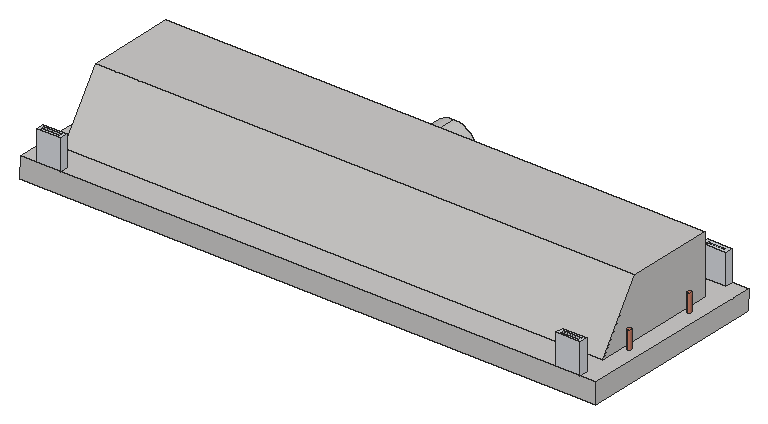
Revit family "HVAC-Chilled_Beam-Dadanco-ACB50", category Mechanical Equipment, Revit 2018
Family settings
  Round Connector Dimension = Use Diameter
  Part Type = Normal
  OmniClass Number = 23.75.70.17.31
  OmniClass Title = Induction Units
  Work Plane-Based = No
  Always vertical = Yes
  Cut with Voids When Loaded = No
  Shared = No
  Room Calculation Point = No
Parameters (values of type "6' Nominal Length")
  Zone Name [instance] = ""
  Zone ID [instance] = ""
  Unit Width = 1' - 11 3/4"  # constant formula
  Unit Weight = if(Nominal Unit Length = 2' 0", "41 lb", if(Nominal Unit Length = 4' 0", "82 lb", if(Nominal Unit Length = 6' 0", "115 lb", if(Nominal Unit Length = 8' 0", "146 lb", if(Nominal Unit Length = 10' 0", "183 lb", "0 lb")))))  # "115 lb"
  Unit Tag [instance] = ""
  Unit Height = 0' - 9 3/4"  # constant formula
  Total Cooling Capacity = 0.0 Btu/h
  Supply Air Front [instance] = not(Supply Air Back)  # no
  Supply Air Back [instance] = yes
  Supply Air = 0 CFM
  Sound Level dBA = ""
  Sound Level NC = ""
  Secondary Air Sensible Heating = 0.0 Btu/h
  Secondary Air Sensible Cooling = 0.0 Btu/h
  SHHW Temperature = 0 °F
  SHHW Pressure Drop [instance] = HWPD  # 0 Pa
  SHHW Flow [instance] = HWF  # 0 GPM
  SCHW Temperature = 0 °F
  SCHW Pressure Drop [instance] = CWPD  # 0 Pa
  SCHW Flow [instance] = CWF  # 0 GPM
  Primary Air Static Pressure [instance] = PASP  # 0.00 in-wg
  Primary Air Inlet Top [instance] = not(Primary Air Inlet Back)  # no
  Primary Air Inlet Size = 0' - 6"
  Primary Air Inlet Back [instance] = yes
  Primary Air Flow Rate [instance] = PA  # 0 CFM
  PASP = 0.00 in-wg
  PA = 0 CFM
  Origin1 = Nominal Unit Length / 2  # 3' - 0"
  Nozzle Configuration = ""
  Nominal Unit Length = 6' - 0"
  Net Unit Heating Sensible = 0.0 Btu/h
  Net Unit Cooling Sensible = 0.0 Btu/h
  Unit Length = Nominal Unit Length - 0' 0 1/4"  # 5' - 11 3/4"
  URL = "http://www.dadanco.com/"
  Type Comments = "1-way Discharge Horizontal Coil"
  SHHW Temp Out = 0 °F
  SCHW Temp Out = 0 °F
  Product Page URL = ""
  Latent Cooling = 0.0 Btu/h
  Keynote = "23 37 00.A1"
  Heating Supply Air Temperature = 0 °F
  Heating Room Dry Bulb = 0 °F
  Heating Primary Air Dry Bulb = 0 °F
  HWPD = 0 Pa
  HWF = 0 GPM
  Front Back Air Inlet [instance] = or(Primary Air Inlet Top, Primary Air Inlet Back)  # yes
  Pipe Material = Metal-Dadanco-Copper-Satin
  Pipe Coil Outlet = "2 Pipe Coi, 0.5 inch SWT Stub Coil Connection"
  Pipe Coil Inlet = "2 Pipe Coi, 0.5 inch SWT Stub Coil Connection"
  Documentation Link = ""
  Cooling Supply Air Temperature = 0 °F
  Cooling Room Relative Humidity = 0
  Cooling Room Dry Bulb = 0 °F
  Cooling Primary Air Wet Bulb = 0 °F
  Cooling Primary Air Dry Bulb = 0 °F
  Coil Connection Right [instance] = yes
  Coil Connection Left [instance] = not(Coil Connection Right)  # no
  Revision Date = "06/24/2020"  # constant formula
  Coil Length = if(Nominal Unit Length = 2' 0", 2' 0", if(Nominal Unit Length = 4' 0", 3' 4", if(Nominal Unit Length = 6' 0", 5' 4", 0' 0")))  # 5' - 4"
  Model = "ACB50"  # constant formula
  Manufacturer = "Dadanco"  # constant formula
  Housing Material = Metal-Dadanco-Steel-Galvanized
  Description = "Active Chilled Beam"  # constant formula
  CWPD = 0 Pa
  CWF = 0 GPM
  4 Pipe Coil Configuration Right [instance] = and([4 Pipe Coil Configuration], Coil Connection Right)  # no
  4 Pipe Coil Configuration Left [instance] = and([4 Pipe Coil Configuration], Coil Connection Left)  # no
  4 Pipe Coil Configuration = if([2 or 4 pipe] = 4, 1 = 1, 1 = 0)  # no
  2 or 4 pipe = 2
  2 Pipe Coil Configuration = if([2 or 4 pipe] = 2, 1 = 1, 1 = 0)  # yes
  Assembly Code = "D3040100"
Types (6): name | Unit Weight | Primary Air Inlet Top | Primary Air Inlet Back | Origin1 | Nominal Unit Length | Unit Length | Type Comments | Product Page URL | Documentation Link | Coil Length
  (no name) | "115 lb" | no | yes | 3' - 0" | 6' - 0" | 5' - 11 3/4" | "1-way Discharge Horizontal Coil" | "" | "" | 5' - 4"
  4' Nominal Length | "82 lb" | yes | no | 2' - 0" | 4' - 0" | 3' - 11 3/4" | "2-way Discharge Horizontal Coil" | "http://www.activechilledbeam.com/efficient_air_conditioning.asp" | "http://www.dadanco.com/ACB/air_conditioning_literature.asp?productLineID=30" | 3' - 4"
  2' Nominal Length | "41 lb" | yes | no | 1' - 0" | 2' - 0" | 1' - 11 3/4" | "2-way Discharge Horizontal Coil" | "http://www.activechilledbeam.com/efficient_air_conditioning.asp" | "http://www.dadanco.com/ACB/air_conditioning_literature.asp?productLineID=30" | 2' - 0"
  6' Nominal Length | "115 lb" | no | yes | 3' - 0" | 6' - 0" | 5' - 11 3/4" | "1-way Discharge Horizontal Coil" | "" | "" | 5' - 4"
  8' Nominal Length | "146 lb" | no | yes | 4' - 0" | 8' - 0" | 7' - 11 3/4" | "2-way Discharge Horizontal Coil" | "http://www.activechilledbeam.com/efficient_air_conditioning.asp" | "http://www.dadanco.com/ACB/air_conditioning_literature.asp?productLineID=30" | 0' - 0"
  10' Nominal Length | "183 lb" | no | yes | 5' - 0" | 10' - 0" | 9' - 11 3/4" | "2-way Discharge Horizontal Coil" | "http://www.activechilledbeam.com/efficient_air_conditioning.asp" | "http://www.dadanco.com/ACB/air_conditioning_literature.asp?productLineID=30" | 0' - 0"
Reference planes (in)
  plane 1 "Center (Front/Back)": y = 0.77127
  plane 2 "Top Face of Plenum": z = 9.75
  plane 3 "Center (Left/Right)": x = 0.55581
  plane 4 "Right End": x = 36.43081
  plane 5 "Bottom Face": z = 0
  plane 6 "Left End": x = -35.31919
  plane 7: y = -11.10373
  plane 8: z = 6.111
  plane 9: x = -33.35519
  plane 10: x = 34.46681
  plane 11: y = 5.45827
  plane 12: y = 2.64627
  plane 13: y = -1.10373
  plane 14: y = -3.91573
  plane 15: z = 5.047
Forms (in)
  Extrusion 1, solid, material "Metal-Dadanco-Steel-Galvanized" <- "Housing Material"
    sketch origin (0.55581, 0, 0) x (0, 1, 0) y (0, 0, 1)
      loop
        line (12.64627, 0) -> (12.89587, 0) -> (12.89587, 2.511) -> (9.02127, 2.511) -> (9.02127, 9.761) -> (-1.97873, 9.761) -> (-6.97873, 2.511) -> (-10.85373, 2.511) -> (-10.85373, 0) -> (12.64627, 0)
    from -35.875 to 35.875
  Extrusion 2, solid, material "Metal-Dadanco-Steel-Galvanized", visible <- "Primary Air Inlet Back"
    sketch origin (0.55581, 9.02127, 2.511) x (0, 0, 1) y (1, 0, 0)
      loop
        circle (3.719, 0) r 3
    from 0 to 2.83
  Extrusion 3, void
    sketch origin (36.43081, 0, 0) x (0, -1, 0) y (0, 0, 1)
      loop
        line (6.97873, 9.761) -> (-9.02127, 9.761) -> (-9.02127, 2.511) -> (6.97873, 2.511) -> (6.97873, 9.761)
    from 0 to 2.27344
  Extrusion 4, void
    sketch origin (-35.31919, 0, 0) x (0, 1, 0) y (0, 0, 1)
      loop
        line (9.02127, 9.761) -> (-7.02389, 9.761) -> (-7.02389, 2.511) -> (9.02127, 2.511) -> (9.02127, 9.761)
    from 0 to 2.27344
  Extrusion 5, solid, material "Metal-Dadanco-Copper-Satin" <- "Pipe Material", visible <- "Coil Connection Left", detail levels medium+fine
    sketch origin (0.20581, 13.56502, 2.511) x (0, -1, 0) y (1, 0, 0)
      loop
        circle (7.841, -33.911) r 0.25
    from 0 to 2.14844
  Extrusion 6, solid, material "Metal-Dadanco-Copper-Satin" <- "Pipe Material", visible <- "4 Pipe Coil Configuration Left", detail levels medium+fine
    sketch origin (0.20581, 13.25627, 2.511) x (0, -1, 0) y (1, 0, 0)
      loop
        circle (10.653, -33.911) r 0.25
    from 0 to 2.14844
  Extrusion 7, solid, material "Metal-Dadanco-Copper-Satin" <- "Pipe Material", visible <- "4 Pipe Coil Configuration Left", detail levels medium+fine
    sketch origin (0.20581, 13.24627, 2.511) x (0, -1, 0) y (1, 0, 0)
      loop
        circle (14.403, -33.911) r 0.25
    from 0 to 2.14844
  Extrusion 8, solid, material "Metal-Dadanco-Copper-Satin" <- "Pipe Material", visible <- "Coil Connection Left", detail levels medium+fine
    sketch origin (0.20581, 13.54627, 2.511) x (0, -1, 0) y (1, 0, 0)
      loop
        circle (17.215, -33.911) r 0.25
    from 0 to 2.14844
  Extrusion 9, solid, material "Metal-Dadanco-Copper-Satin" <- "Pipe Material", visible <- "Coil Connection Right", detail levels medium+fine
    sketch origin (0.93081, 13.47127, 2.511) x (0, -1, 0) y (1, 0, 0)
      loop
        circle (7.74827, 33.88652) r 0.25
    from 0 to 2.14844
  Extrusion 10, solid, material "Metal-Dadanco-Copper-Satin" <- "Pipe Material", visible <- "4 Pipe Coil Configuration Right", detail levels medium+fine
    sketch origin (0.90581, 13.24002, 2.511) x (0, -1, 0) y (1, 0, 0)
      loop
        circle (10.653, 33.911) r 0.25
    from 0 to 2.14844
  Extrusion 11, solid, material "Metal-Dadanco-Copper-Satin" <- "Pipe Material", visible <- "4 Pipe Coil Configuration Right", detail levels medium+fine
    sketch origin (0.90581, 13.22127, 2.511) x (0, -1, 0) y (1, 0, 0)
      loop
        circle (14.403, 33.911) r 0.25
    from 0 to 2.14844
  Extrusion 12, solid, material "Metal-Dadanco-Copper-Satin" <- "Pipe Material", visible <- "Coil Connection Right", detail levels medium+fine
    sketch origin (0.90581, 13.55127, 2.511) x (0, -1, 0) y (1, 0, 0)
      loop
        circle (17.215, 33.911) r 0.25
    from 0 to 2.14844
  Extrusion 13, solid, material "Metal-Dadanco-Steel-Galvanized", visible <- "Primary Air Inlet Top"
    sketch origin (0.55581, 11.77377, 9.761) x (0, -1, 0) y (1, 0, 0)
      loop
        circle (8.25, 0) r 3
    from 0 to 3.30078
  Extrusion 14, solid, detail levels fine
    sketch origin (34.15737, 0, 0) x (0, 1, 0) y (0, 0, 1)
      loop
        circle (0.74868, 1.39387) r 0.125
    from 0 to 2
  Extrusion 15, solid
    sketch origin (0.55581, -17.19873, 2.511) x (0, 1, 0) y (-1, 0, 0)
      loop
        line (6.375, 33.875) -> (6.375, 30.875) -> (7.375, 30.875) -> (7.375, 33.875) -> (6.375, 33.875)
    from 0 to 3.76953
  Extrusion 16, void
    sketch origin (0.63529, -17.20453, 6.28053) x (-1, 0, 0) y (0, 1, 0)
      loop
        line (33.57948, 7.1008) -> (31.32948, 7.1008) -> (31.32948, 6.6608) -> (33.57948, 6.6608) -> (33.57948, 7.1008)
    from 0 to 3.76953
  Extrusion 17, solid
    sketch origin (113.55581, 5.48215, 2.511) x (0, 1, 0) y (-1, 0, 0)
      loop
        line (6.375, 82.125) -> (6.375, 79.125) -> (7.375, 79.125) -> (7.375, 82.125) -> (6.375, 82.125)
    from 0 to 3.76953
  Extrusion 18, void
    sketch origin (113.63529, 5.47636, 6.28053) x (-1, 0, 0) y (0, 1, 0)
      loop
        line (81.82948, 7.1008) -> (79.57948, 7.1008) -> (79.57948, 6.6608) -> (81.82948, 6.6608) -> (81.82948, 7.1008)
    from 0 to 3.76953
  Extrusion 19, solid
    sketch origin (113.55581, -17.19873, 2.511) x (0, 1, 0) y (-1, 0, 0)
      loop
        line (6.375, 82.125) -> (6.375, 79.125) -> (7.375, 79.125) -> (7.375, 82.125) -> (6.375, 82.125)
    from 0 to 3.76953
  Extrusion 20, void
    sketch origin (113.63529, -17.20453, 6.28053) x (-1, 0, 0) y (0, 1, 0)
      loop
        line (81.82948, 7.1008) -> (79.57948, 7.1008) -> (79.57948, 6.6608) -> (81.82948, 6.6608) -> (81.82948, 7.1008)
    from 0 to 3.76953
  Extrusion 21, solid
    sketch origin (0.55581, 5.49087, 2.511) x (0, 1, 0) y (-1, 0, 0)
      loop
        line (6.375, 33.875) -> (6.375, 30.875) -> (7.375, 30.875) -> (7.375, 33.875) -> (6.375, 33.875)
    from 0 to 3.76953
  Extrusion 22, void
    sketch origin (0.63529, 5.48507, 6.28053) x (-1, 0, 0) y (0, 1, 0)
      loop
        line (33.57948, 7.1008) -> (31.32948, 7.1008) -> (31.32948, 6.6608) -> (33.57948, 6.6608) -> (33.57948, 7.1008)
    from 0 to 3.76953
Cuts and joins
  Extrusion 3, Extrusion 4, Extrusion 18, Extrusion 20, Extrusion 22 cuts Extrusion 1
  Extrusion 16, Extrusion 20, Extrusion 22 cuts Extrusion 15
  Extrusion 18 cuts Extrusion 17
  Extrusion 20 cuts Extrusion 19
  Extrusion 22 cuts Extrusion 21
Lines and regions (in)
  symbolic lines, detail levels medium+fine
    curve 1: line (-35.31919, 10.49127, 4.95212) -> (36.43081, 10.49127, 4.95212)
    curve 2: line (-35.31919, -8.82373, 4.95212) -> (36.43081, -8.82373, 4.95212)
  model lines, detail levels medium+fine
    curve 3: line (-35.31919, -5.35623, 0) -> (36.43081, -5.35623, 0)
    curve 4: line (-35.31919, 7.02377, 0) -> (36.43081, 7.02377, 0)
  symbolic lines, not visible, detail levels medium+fine
    curve 5: arc (0.43081, -5.48123, 7.73) -> (0.55581, -5.48123, 7.855) -> (0.68081, -5.48123, 7.73) r 0.125
    curve 6: arc (0.68081, -5.48123, 7.73) -> (0.55581, -5.48123, 7.605) -> (0.43081, -5.48123, 7.73) r 0.125
  symbolic lines, detail levels fine
    curve 7: line (-35.31919, 7.95719, 4.13) -> (36.43081, 7.95719, 4.13)
    curve 8: line (-35.31919, -6.28965, 4.13) -> (36.43081, -6.28965, 4.13)
Dimensions and locks (in)
  equal spacing: plane 6 "Left End", plane 3 "Center (Left/Right)", plane 4 "Right End"
  "Unit Length": plane 6 "Left End" to plane 4 "Right End"
  "Unit Height": plane 2 "Top Face of Plenum" to plane 5 "Bottom Face"
  Extrusion 2 to Extrusion 2 = 0' - 2.83"
  plane 7 to plane 1 "Center (Front/Back)" = 0' - 11 7/8"
  plane 5 "Bottom Face" to plane 8 = 0' - 6.111"
  locked: plane 3 "Center (Left/Right)" to Extrusion 2 sketch curve at 0
  locked: plane 1 "Center (Front/Back)" to plane 11 at 4.687
  locked: plane 1 "Center (Front/Back)" to plane 12 at 1.875
  locked: plane 13 to plane 1 "Center (Front/Back)" at 1.875
  locked: plane 14 to plane 1 "Center (Front/Back)" at 4.687
  locked: plane 6 "Left End" to plane 9 at 1.964
  locked: plane 10 to plane 4 "Right End" at 1.964
  plane 1 "Center (Front/Back)" to Extrusion 13 sketch curve = 0' - 2.7525"
  locked: Extrusion 13 sketch curve to plane 3 "Center (Left/Right)" at 0
  aligned and locked: plane 5 "Bottom Face" to level
  aligned and locked: Extrusion 1 to plane 6 "Left End"
  aligned and locked: Extrusion 1 to plane 4 "Right End"
  aligned and locked: Extrusion 3 sketch curve to cut or joined group of Extrusion 1, Extrusion 3, Extrusion 4, Extrusion 18, Extrusion 20, Extrusion 22
  aligned and locked: Extrusion 4 sketch curve to cut or joined group of Extrusion 1, Extrusion 3, Extrusion 4, Extrusion 18, Extrusion 20, Extrusion 22  (x2)
Automatic sketch dimensions
  curve 3 to plane 4 "Right End" = 0' - 0"
  curve 4 to plane 4 "Right End" = 0' - 0"
  curve 4 to plane 6 "Left End" = 0' - 0"
  curve 3 to plane 6 "Left End" = 0' - 0"
  curve 3 to plane 14 = 0' - 1.4405"
  curve 4 to plane 11 = 0' - 1.5655"
  curve 1 to plane 4 "Right End" = 0' - 0"
  curve 1 to plane 6 "Left End" = 0' - 0"
  curve 2 to plane 4 "Right End" = 0' - 0"
  curve 2 to plane 6 "Left End" = 0' - 0"
  plane 11 to curve 1 = 0' - 5.033"
  plane 7 to curve 2 = 0' - 2.28"
  curve 5 to curve 6 = 0' - 0"  (x2)
  curve 6 to plane 3 "Center (Left/Right)" = 0' - 0"
  curve 6 to plane 2 "Top Face of Plenum" = 0' - 2.02"
  plane 3 "Center (Left/Right)" to curve 5 = 0' - 0 1/8"
  Extrusion 2 sketch curve to Extrusion 1 = 0' - 3.531"
  curve 7 to plane 4 "Right End" = 0' - 0"
  curve 7 to plane 6 "Left End" = 0' - 0"
  curve 8 to plane 4 "Right End" = 0' - 0"
  curve 8 to plane 6 "Left End" = 0' - 0"
  plane 11 to curve 7 = 0' - 2.49892"
  plane 14 to curve 8 = 0' - 2.37392"
  Extrusion 3 sketch curve to Extrusion 1 = 0' - 0"
  Extrusion 1 to Extrusion 3 sketch curve = 0' - 0"  (x2)
  Extrusion 1 to Extrusion 4 sketch curve = 0' - 0"
  Extrusion 1 to Extrusion 4 sketch curve = 0' - 3.82985"
  Extrusion 5 sketch curve to plane 9 = 0' - 0.35"
  plane 11 to Extrusion 5 sketch curve = 0' - 0.26575"
  Extrusion 6 sketch curve to plane 9 = 0' - 0.35"
  plane 12 to Extrusion 6 sketch curve = 0' - 0.043"
  Extrusion 7 sketch curve to plane 9 = 0' - 0.35"
  plane 13 to Extrusion 7 sketch curve = 0' - 0.053"
  Extrusion 8 sketch curve to plane 9 = 0' - 0.35"
  Extrusion 8 sketch curve to plane 14 = 0' - 0.247"
  plane 10 to Extrusion 9 sketch curve = 0' - 0.35052"
  plane 11 to Extrusion 9 sketch curve = 0' - 0.26473"
  plane 10 to Extrusion 10 sketch curve = 0' - 0.35"
  plane 12 to Extrusion 10 sketch curve = 0' - 0.05925"
  plane 10 to Extrusion 11 sketch curve = 0' - 0.35"
  plane 13 to Extrusion 11 sketch curve = 0' - 0.078"
  plane 10 to Extrusion 12 sketch curve = 0' - 0.35"
  Extrusion 12 sketch curve to plane 14 = 0' - 0.252"
  Extrusion 3 to Extrusion 14 sketch curve = 0' - 1.11713"
  Extrusion 14 sketch curve to Extrusion 3 = 0' - 7.72741"
  Extrusion 1 to Extrusion 15 sketch curve = 0' - 0.03"
  Extrusion 15 sketch curve to Extrusion 15 sketch curve = 0' - 1"
  Extrusion 1 to Extrusion 15 sketch curve = 0' - 5"
  Extrusion 1 to Extrusion 15 sketch curve = 0' - 2"
  Extrusion 16 sketch curve to Extrusion 15 = 0' - 0 3/8"  (x2)
  Extrusion 16 sketch curve to Extrusion 15 = 0' - 0.28"  (x2)
  Extrusion 1 to Extrusion 17 sketch curve = 0' - 2"
  Extrusion 17 sketch curve to Extrusion 1 = 1' - 6.83588"
  Extrusion 17 sketch curve to Extrusion 17 sketch curve = 0' - 1"
  Extrusion 17 sketch curve to Extrusion 17 sketch curve = 0' - 3"
  Extrusion 18 sketch curve to Extrusion 17 = 0' - 0 3/8"  (x2)
  Extrusion 18 sketch curve to Extrusion 17 = 0' - 0.28"  (x2)
  Extrusion 1 to Extrusion 19 sketch curve = 0' - 0.03"
  Extrusion 19 sketch curve to Extrusion 19 sketch curve = 0' - 1"
  Extrusion 1 to Extrusion 19 sketch curve = 0' - 2"
  Extrusion 19 sketch curve to Extrusion 19 sketch curve = 0' - 3"
  Extrusion 20 sketch curve to Extrusion 19 = 0' - 0 3/8"  (x2)
  Extrusion 20 sketch curve to Extrusion 19 = 0' - 0.28"  (x2)
  Extrusion 1 to Extrusion 21 sketch curve = 0' - 5"
  Extrusion 21 sketch curve to Extrusion 1 = 1' - 6.8446"
  Extrusion 21 sketch curve to Extrusion 21 sketch curve = 0' - 1"
  Extrusion 1 to Extrusion 21 sketch curve = 0' - 2"
  Extrusion 22 sketch curve to Extrusion 21 = 0' - 0 3/8"  (x2)
  Extrusion 22 sketch curve to Extrusion 21 = 0' - 0.28"  (x2)
  level to Extrusion 1 sketch curve = 0' - 0"
  plane 7 to Extrusion 1 sketch curve = 0' - 0 1/4"
  plane 14 to Extrusion 1 sketch curve = 0' - 3.063"
  plane 11 to Extrusion 1 sketch curve = 0' - 3.563"
  Extrusion 1 sketch curve to Extrusion 1 sketch curve = 0' - 3 5/8"
  Extrusion 1 sketch curve to Extrusion 1 sketch curve = 0' - 0.2496"
  Extrusion 1 sketch curve to Extrusion 1 sketch curve = 0' - 2.511"  (x2)
  plane 2 "Top Face of Plenum" to Extrusion 1 sketch curve = 0' - 0.011"
  plane 13 to Extrusion 1 sketch curve = 0' - 0 7/8"
  radius of Extrusion 2 sketch curve = 0' - 3"
  radius of Extrusion 5 sketch curve = 0' - 0 1/4"
  radius of Extrusion 6 sketch curve = 0' - 0 1/4"
  radius of Extrusion 7 sketch curve = 0' - 0 1/4"
  radius of Extrusion 8 sketch curve = 0' - 0 1/4"
  radius of Extrusion 9 sketch curve = 0' - 0 1/4"
  radius of Extrusion 10 sketch curve = 0' - 0 1/4"
  radius of Extrusion 11 sketch curve = 0' - 0 1/4"
  radius of Extrusion 12 sketch curve = 0' - 0 1/4"
  radius of Extrusion 13 sketch curve = 0' - 3"
  radius of Extrusion 14 sketch curve = 0' - 0 1/8"
Connectors (in)
  hvac at (0.55581, 11.85127, 6.23), driven by "Primary Air Flow Rate", driven by "Primary Air Static Pressure", driven by "Primary Air Inlet Size"
    settings: on Extrusion 2, index 3, duct flow 0 CFM, flow factor 0, pres drop 0.00 in-wg, loss coef 0, conn angle 0.00°, conn width 7 215/256", conn height 2 41/64", conn diameter 6", duct sys type 1, conn prof type 0, flow config 1, flow direction 1, loss method 4, conn ref index -1, conn util no, is conn primary yes, conn desc "Primary Air Inlet Back (E)"
  piping at (34.81681, -3.66373, 4.65944), diameter 0.5, driven by "SCHW Flow"
    settings: on Extrusion 12, index 13, connector inside diameter 24", connector length 0' - 0", flow factor 0, pipe flow 0 GPM, pressure drop 0 Pa, fitting loss kfactor 0, connector angle 0.00°, fixture units 0, engagement length 0' - 0", angle of deflection 0.00°, flow configuration 1, flow direction 1, fitting loss method 0, system type 7, joint type 0, gender type 0, connector reference index -1, connector utility 0, adjustable connector no, is connector primary yes, connector description "SCHW Supply Right"
  piping at (34.81681, -1.18173, 4.65944), diameter 0.5, driven by "SHHW Flow"
    settings: on Extrusion 11, index 14, connector inside diameter 24", connector length 0' - 0", flow factor 0, pipe flow 0 GPM, pressure drop 0 Pa, fitting loss kfactor 0, connector angle 0.00°, fixture units 0, engagement length 0' - 0", angle of deflection 0.00°, flow configuration 1, flow direction 1, fitting loss method 0, system type 7, joint type 0, gender type 0, connector reference index -1, connector utility 0, adjustable connector no, is connector primary no, connector description "SHHW Supply Right"
  piping at (34.81681, 2.58702, 4.65944), diameter 0.5, driven by "SHHW Flow", driven by "SHHW Pressure Drop"
    settings: on Extrusion 10, index 15, connector inside diameter 24", connector length 0' - 0", flow factor 0, pipe flow 0 GPM, pressure drop 0 Pa, fitting loss kfactor 0, connector angle 0.00°, fixture units 0, engagement length 0' - 0", angle of deflection 0.00°, flow configuration 1, flow direction 2, fitting loss method 4, system type 8, joint type 0, gender type 0, connector reference index -1, connector utility 0, adjustable connector no, is connector primary no, connector description "SHHW Return Right"
  piping at (34.81733, 5.723, 4.65944), diameter 0.5, driven by "SCHW Flow", driven by "SCHW Pressure Drop"
    settings: on Extrusion 9, index 16, connector inside diameter 24", connector length 0' - 0", flow factor 0, pipe flow 0 GPM, pressure drop 0 Pa, fitting loss kfactor 0, connector angle 0.00°, fixture units 0, engagement length 0' - 0", angle of deflection 0.00°, flow configuration 1, flow direction 2, fitting loss method 4, system type 8, joint type 0, gender type 0, connector reference index -1, connector utility 0, adjustable connector no, is connector primary no, connector description "SCHW Return Right"
  piping at (-33.70519, 5.72402, 4.65944), diameter 0.5, driven by "SCHW Flow", driven by "SCHW Pressure Drop"
    settings: on Extrusion 5, index 17, connector inside diameter 24", connector length 0' - 0", flow factor 0, pipe flow 0 GPM, pressure drop 0 Pa, fitting loss kfactor 0, connector angle 0.00°, fixture units 0, engagement length 0' - 0", angle of deflection 0.00°, flow configuration 1, flow direction 2, fitting loss method 4, system type 8, joint type 0, gender type 0, connector reference index -1, connector utility 0, adjustable connector no, is connector primary no, connector description "SCHW Return Left"
  piping at (-33.70519, 2.60327, 4.65944), diameter 0.5, driven by "SHHW Flow", driven by "SHHW Pressure Drop"
    settings: on Extrusion 6, index 18, connector inside diameter 24", connector length 0' - 0", flow factor 0, pipe flow 0 GPM, pressure drop 0 Pa, fitting loss kfactor 0, connector angle 0.00°, fixture units 0, engagement length 0' - 0", angle of deflection 0.00°, flow configuration 1, flow direction 2, fitting loss method 4, system type 8, joint type 0, gender type 0, connector reference index -1, connector utility 0, adjustable connector no, is connector primary no, connector description "SHHW Return Left"
  piping at (-33.70519, -1.15673, 4.65944), diameter 0.5, driven by "SHHW Flow"
    settings: on Extrusion 7, index 19, connector inside diameter 24", connector length 0' - 0", flow factor 0, pipe flow 0 GPM, pressure drop 0 Pa, fitting loss kfactor 0, connector angle 0.00°, fixture units 0, engagement length 0' - 0", angle of deflection 0.00°, flow configuration 1, flow direction 1, fitting loss method 0, system type 7, joint type 0, gender type 0, connector reference index -1, connector utility 0, adjustable connector no, is connector primary no, connector description "SHHW Supply Left"
  piping at (-33.70519, -3.66873, 4.65944), diameter 0.5, driven by "SCHW Flow"
    settings: on Extrusion 8, index 20, connector inside diameter 24", connector length 0' - 0", flow factor 0, pipe flow 0 GPM, pressure drop 0 Pa, fitting loss kfactor 0, connector angle 0.00°, fixture units 0, engagement length 0' - 0", angle of deflection 0.00°, flow configuration 1, flow direction 1, fitting loss method 0, system type 7, joint type 0, gender type 0, connector reference index -1, connector utility 0, adjustable connector no, is connector primary no, connector description "SCHW Supply Left"
  hvac at (0.55581, 3.52377, 13.06178), driven by "Primary Air Static Pressure", driven by "Primary Air Flow Rate", driven by "Primary Air Inlet Size"
    settings: on Extrusion 13, index 21, duct flow 0 CFM, flow factor 0, pres drop 0.00 in-wg, loss coef 0, conn angle 0.00°, conn width 12", conn height 12", conn diameter 6", duct sys type 1, conn prof type 0, flow config 1, flow direction 1, loss method 4, conn ref index -1, conn util no, is conn primary no, conn desc "Primary Air Inlet Top"
